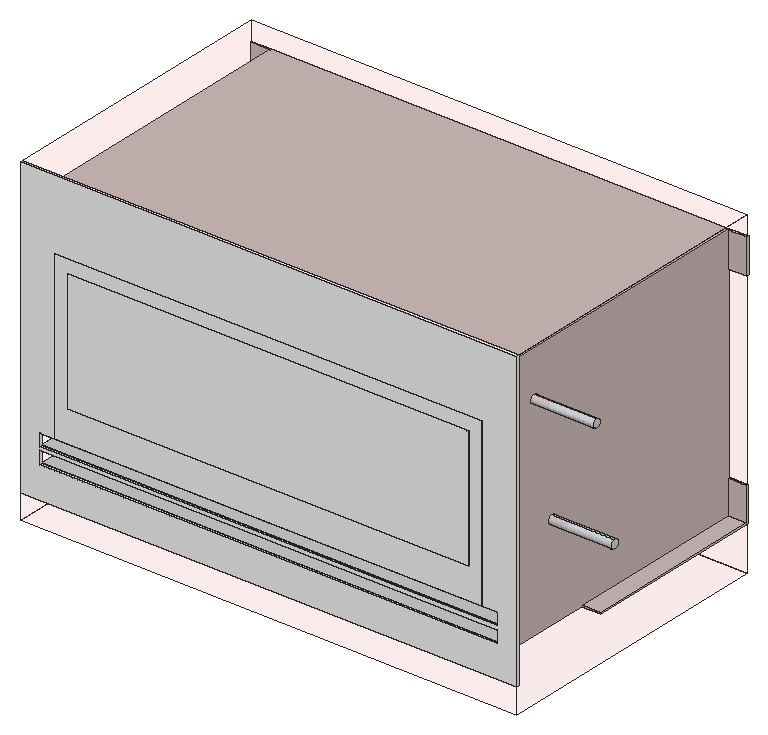
Revit family "Air-Curtain_Vestibule-Except_PoweredAire_CHA-HWST", category Mechanical Equipment, host Face, Revit 2018
Family settings
  Host = Face
  Round Connector Dimension = Use Diameter
  Part Type = Normal
  OmniClass Number = 23.75.35.17.21
  OmniClass Title = Air Curtains
  Cut with Voids When Loaded = No
  Shared = No
  Room Calculation Point = No
Parameters
  upperpiperotation [instance] = if(Upper Pipe Connection Side A, 0.00°, 180.00°)  # 0.00°
  lowerpiperotation [instance] = if(Lower Pipe Connection Side A, 0.00°, 180.00°)  # 0.00°
  locateupperpipe [instance] = if(Upper Pipe Connection Side A, 0' 0", Nozzle Width)  # 0' - 0"
  locatelowerpipe [instance] = if(Lower Pipe Connection Side A, 0' 0", Nozzle Width)  # 0' - 0"
  Warranty Duration (Years) = 0
  Upper Pipe Connection Side A [instance] = yes
  Unit Width Notes = "Other Widths available."  # constant formula
  Unit Width = 3' - 3"
  Unit Weight = 0
  Unit Height = 1' - 10 3/4"
  Unit Depth = 1' - 11 1/4"
  URL = "http://www.poweredaire.com/"
  Test Data = ""
  Standards Conformance = "as Specified"
  Specification = "http://www.arcat.com/sdspecs/htm04/23_34_33pai.htm"
  SpecWizard = ""
  Sound Pressure = "as Specified"
  Sales Information = "http://www.poweredaire.com/contact_us"
  Revision = "R1_2016-08"
  Projection from Host [instance] = 0' - 2"
  Product Properties = ""
  Product Data = "http://www.arcat.com/arcatcos/cos47/arc47623.html"
  Power Rating = 0 W
  Piping_Water Flow [instance] = 0 GPM
  Piping_Operating Pressure [instance] = 0.00 psi
  Piping_Exit Temperature [instance] = 0 °F
  Piping_Entry Temperature [instance] = 0 °F
  Pipe OD [instance] = 5/8"
  Nozzle Width = if(1 = 1, Unit Width - 0' 3", 0' 0")  # 3' - 0"
  Mounting Width = if(1 = 1, Unit Width - 0' 1 1/2", 0' 0")  # 3' - 1 1/2"
  Mounting Height [instance] = 3' - 6"
  Motor RPM = 0
  Motor HP = 0
  Motor Count = 0
  Model = "As Specified"
  Max Height = 0' - 0"
  Manufacturer Website = "http://www.poweredaire.com/"
  Manufacturer Phone - Toll Free = "888-321-2473"
  Manufacturer Phone = "724-588-3305"
  Manufacturer Fax = "724-588-3371"
  Manufacturer Address = "109 Mortensen Rd.  Greenville, PA 16125"
  Manufacturer = "Powered Aire, Inc"
  Maintenance Schedule (Months) = 0
  Lower Pipe Connection Side A [instance] = yes
  Keynote = "23 34 33"
  Installation-Fabrication = ""
  Installation Phase = ""
  Include Clearance [instance] = yes
  Heating Element Load = 0 W
  HVAC_Temperature Rise = 0 °F
  HVAC_Outlet Volume = 0 CFM
  HVAC_Outlet Velocity Uniformity = 0
  HVAC_Outlet Velocity = 0 FPM
  HVAC_BTU Input = 0.0 Btu/h
  Green Building-LEED = "http://www.arcat.com/green/clients/leed_data_47623.html"
  Front Grating Material [instance] = Metal - Steel - PoweredAire - White Perforated
  Frame Finish [instance] = Metal - Steel - PoweredAire - Stainless 304
  Expected Lifespan (Years) = 0
  Electrical_Wattage [instance] = Power Rating + Heating Element Load  # 0 W
  Electrical_Voltage [instance] = 0 V
  Electrical_Phase [instance] = 1
  Electrical_Frequency [instance] = 0 Hz
  Electrical_Amperage [instance] = 0 A
  Drawn By = "Sumex Design, Inc. / Robert S. Weygant, CSI, CDT, SCIP"
  Description = "Powered Aire Air Curtain as Specified"
  Default Elevation = 0' - 0"  # constant formula
  Cover Finish [instance] = Metal - Steel - PoweredAire - White
  Copyright = "©Arcat Inc."
  Construction Details = "http://www.arcat.com/details/powair/prod3336.html"
  Clearance_Top [instance] = 0' - 0"
  Clearance_Side B [instance] = 0' - 0"
  Clearance_Side A [instance] = 0' - 0"
  Clearance_Intake [instance] = 0' - 0"
  Clearance_Front [instance] = 0' - 0"
  Clearance Material [instance] = ARCAT Clearance
  Building Codes = ""
  Available Options [instance] = "as Specified"
  Assembly Code = "D3090400"
Reference planes (in)
  plane 1 "Center (Elevation)": y = 11.51318
  plane 2: z = 0
  plane 3 "Center (Left/Right)": x = 0
  plane 4: y = 22.88818
  plane 5: y = 0.13818
  plane 6: x = -19.5
  plane 7: x = 19.5
  plane 8: z = 25.25
  plane 9 "FF": y = -41.86182
  plane 10: z = 2
  plane 11: x = 18
  plane 12: x = -18
  plane 13: y = 22.88818
  plane 14: y = 0.13818
  plane 15: x = -19.5
  plane 16: x = 19.5
  plane 17: z = 25.25
  plane 18: y = 0.38818
  plane 19: x = 18
  plane 20: x = 18
  plane 21: z = 20.25
  plane 22: z = 11
Forms (in)
  Extrusion 1, solid, material "ARCAT Clearance" <- "Clearance Material", visible <- "Include Clearance"
    sketch origin (0, 0, 0) x (0, 1, 0) y (0, 0, 1)
      loop
        line (0.13818, 25.25) -> (0.13818, 0) -> (22.88818, 0) -> (22.88818, 25.25) -> (0.13818, 25.25)
    from -19.5 to 19.5
  Extrusion 2, solid, material "Metal - Steel - PoweredAire - White" <- "Cover Finish"
    sketch origin (0, 11.51318, 0) x (1, 0, 0) y (0, 0, 1)
      loop
        line (-19.5, 25.25) -> (-19.5, 2) -> (19.5, 2) -> (19.5, 25.25) -> (-19.5, 25.25)
    from 11.125 to 11.375
  Extrusion 3, solid, material "Metal - Steel - PoweredAire - Stainless 304" <- "Frame Finish"
    sketch origin (0, 11.51318, 0) x (1, 0, 0) y (0, 0, 1)
      loop
        line (18, 23.75) -> (-18, 23.75) -> (-18, 3.5) -> (18, 3.5) -> (18, 23.75)
    from -11.375 to 11.125
  Extrusion 4, void
    sketch origin (0, 0, 0) x (0, 1, 0) y (0, 0, 1)
      loop
        line (0.13818, 5.5) -> (0.13818, 4.5) -> (1.88818, 4.5) -> (1.88818, 6.75) -> (0.13818, 6.75) -> (0.13818, 5.75) -> (1.63818, 5.75) -> (1.63818, 5.5) -> (0.13818, 5.5)
    from -18 to 18
  Extrusion 5, solid, material "Metal - Steel - PoweredAire - White" <- "Cover Finish"
    sketch origin (-11.83813, 0.13818, 48) x (-1, 0, 0) y (0, 0, 1)
      loop
        line (4.91187, -41.25) -> (4.91187, -28.25) -> (-28.58813, -28.25) -> (-28.58813, -41.25) -> (4.91187, -41.25)
    from 0 to -0.03125
  Extrusion 6, solid, material "Metal - Steel - PoweredAire - White Perforated" <- "Front Grating Material"
    sketch origin (-11.83813, 0.10693, 48) x (1, 0, 0) y (0, 0, 1)
      loop
        line (-3.91187, -29.25) -> (-3.91187, -38.75) -> (27.58813, -38.75) -> (27.58813, -29.25) -> (-3.91187, -29.25)
    from 0 to 0.03125
  Extrusion 7, solid, material "Metal - Steel - PoweredAire - Stainless 304" <- "Frame Finish"
    sketch origin (-15.17702, -180, 2) x (-1, 0, 0) y (0, -1, 0)
      loop
        line (-33.17702, -202.88818) -> (-33.17702, -188.38818) -> (-34.67702, -188.38818) -> (-34.67702, -202.88818) -> (-33.17702, -202.88818)
      loop
        line (2.82298, -202.88818) -> (4.32298, -202.88818) -> (4.32298, -188.38818) -> (2.82298, -188.38818) -> (2.82298, -202.88818)
    from 1.5 to 1.625
  Extrusion 8, solid, material "Metal - Steel - PoweredAire - Stainless 304" <- "Frame Finish"
    sketch origin (-11.83813, 22.88818, 48) x (-1, 0, 0) y (0, 0, 1)
      loop
        line (7.66187, -44.5) -> (7.66187, -41.75) -> (6.16187, -41.75) -> (6.16187, -44.5) -> (7.66187, -44.5)
      loop
        line (-31.33813, -44.5) -> (-29.83813, -44.5) -> (-29.83813, -41.75) -> (-31.33813, -41.75) -> (-31.33813, -44.5)
      loop
        line (7.66187, -27) -> (7.66187, -24.25) -> (6.16187, -24.25) -> (6.16187, -27) -> (7.66187, -27)
      loop
        line (-31.33813, -27) -> (-29.83813, -27) -> (-29.83813, -24.25) -> (-31.33813, -24.25) -> (-31.33813, -27)
    from 0 to -0.125
  Sweep 9, solid
    path origin (18, 11.51318, 20.25) x (1, 0, 0) y (0, 0, 1)
      loop
        line (0, 0) -> (5, 0)
    profile origin (20.5, 11.51318, 20.25) x (0, 0, 1) y (0, -1, 0)
      loop
        circle (0, 7.875) r 0.3125
  Sweep 10, solid
    path origin (18, 11.51318, 11) x (1, 0, 0) y (0, 0, 1)
      loop
        line (0, 0) -> (5, 0)
    profile origin (20.5, 11.51318, 11) x (0, 0, 1) y (0, -1, 0)
      loop
        circle (0, 6.125) r 0.3125
Cuts and joins
  Extrusion 4 cuts Extrusion 1
  Extrusion 4 cuts Extrusion 2
  Extrusion 4 cuts Extrusion 3
Lines and regions (in)
  reference lines
    curve 1: line (18, 11.51318, 20.25) -> (25.75, 11.51318, 20.25)
    curve 2: line (18, 11.51318, 11) -> (26.25, 11.51318, 11)
Dimensions and locks (in)
  equal spacing: plane 4, plane 1 "Center (Elevation)", plane 5
  "Unit Height": plane 4 to plane 5
  equal spacing: plane 6, plane 3 "Center (Left/Right)", plane 7
  "Unit Width": plane 6 to plane 7
  "Mounting Height": plane 5 to plane 9 "FF"
  "Projection from Host": plane 10 to level
  "Unit Depth": plane 8 to plane 10
  locked: plane 6 to plane 12 at 1.5
  locked: plane 11 to plane 7 at 1.5
  "Clearance_Side A": plane 7 to plane 16
  "Clearance_Side B": plane 15 to plane 6
  "Clearance_Top": plane 13 to plane 4
  "Clearance_Intake": plane 5 to plane 14
  "Clearance_Front": plane 17 to plane 8
  locked: plane 8 to Extrusion 3 sketch curve at 1.5
  locked: Extrusion 3 sketch curve to plane 10 at 1.5
  locked: plane 7 to Extrusion 3 sketch curve at 1.5
  locked: Extrusion 3 sketch curve to plane 6 at 1.5
  locked: plane 18 to plane 5 at 0.25
  Extrusion 4 sketch curve to Extrusion 4 sketch curve to Extrusion 4 sketch curve to Extrusion 4 sketch curve to plane 10 = 0' - 1" locked, 0' - 0 1/4" locked, 0' - 1" locked, 0' - 2 1/2" locked
  Extrusion 5 sketch curve to Extrusion 5 sketch curve to plane 10 = 1' - 1" locked, 0' - 4 3/4" locked
  locked: plane 11 to Extrusion 5 sketch curve at 1.25
  locked: Extrusion 5 sketch curve to plane 12 at 1.25
  Extrusion 6 sketch curve to Extrusion 6 sketch curve to plane 10 = 0' - 9 1/2" locked, 0' - 7 1/4" locked
  locked: Extrusion 6 sketch curve to plane 12 at 2.25
  locked: plane 11 to Extrusion 6 sketch curve at 2.25
  locked: plane 4 to Extrusion 7 sketch curve at 14.5  (x2)
  Extrusion 8 sketch curve to Extrusion 8 sketch curve to Extrusion 8 sketch curve to Extrusion 8 sketch curve to plane 10 = 0' - 2 3/4" locked, 1' - 2 3/4" locked, 0' - 2 3/4" locked, 0' - 1 1/2" locked  (x2)
  "locatelowerpipe": plane 19 to plane 11
  "locateupperpipe": plane 20 to plane 11
  locked: plane 8 to plane 21 at 5
  locked: plane 22 to plane 10 at 9
  locked: curve 1 to Sweep 9 sketch curve at 5
  locked: curve 1 to Sweep 9 sketch curve
  locked: curve 2 to Sweep 10 sketch curve at 5
  locked: curve 2 to Sweep 10 sketch curve
  locked: plane 5 to Sweep 9 sketch curve at 3.5
  locked: plane 5 to Sweep 10 sketch curve at 5.25
  "lowerpiperotation": angle plane 21 to curve 1
  "upperpiperotation": angle plane 22 to curve 2
  aligned and locked: plane 2 to host face
  aligned and locked: level to host face
  aligned and locked: Extrusion 1 sketch curve to plane 17
  aligned and locked: plane 14 to Extrusion 1 sketch curve
  aligned and locked: level to Extrusion 1 sketch curve
  aligned and locked: Extrusion 1 sketch curve to plane 13
  aligned and locked: plane 16 to Extrusion 1
  aligned and locked: Extrusion 1 to plane 15
  aligned and locked: Extrusion 2 sketch curve to plane 8
  aligned and locked: plane 6 to Extrusion 2 sketch curve
  aligned and locked: Extrusion 2 sketch curve to plane 10
  aligned and locked: Extrusion 2 sketch curve to plane 7
  aligned and locked: Extrusion 3 to plane 4
  aligned and locked: Extrusion 3 to plane 18
  aligned and locked: Extrusion 2 to plane 18
  aligned and locked: Extrusion 2 to plane 5
  aligned and locked: plane 11 to Extrusion 4
  aligned and locked: Extrusion 4 to plane 12
  aligned and locked: Extrusion 7 sketch curve to plane 4  (x2)
  aligned and locked: plane 20 to curve 2
  aligned and locked: plane 22 to curve 2
  aligned and locked: plane 19 to curve 1
  aligned and locked: plane 21 to curve 1
Automatic sketch dimensions
  host sketch curve to host sketch curve = 8' - 0"  (x2)
  Extrusion 4 sketch curve to plane 5 = 0' - 0"  (x2)
  plane 18 to Extrusion 4 sketch curve = 0' - 1 1/4"
  Extrusion 4 sketch curve to Extrusion 4 sketch curve = 0' - 0 1/4"
  Extrusion 7 sketch curve to plane 7 = 0' - 0"
  Extrusion 7 sketch curve to plane 11 = 0' - 0"
  Extrusion 7 sketch curve to plane 12 = 0' - 0"
  Extrusion 7 sketch curve to plane 6 = 0' - 0"
  Extrusion 8 sketch curve to plane 7 = 0' - 0"  (x2)
  Extrusion 8 sketch curve to plane 11 = 0' - 0"  (x2)
  Extrusion 8 sketch curve to plane 12 = 0' - 0"  (x2)
  Extrusion 8 sketch curve to plane 6 = 0' - 0"  (x2)
  profile plane to Sweep 9 sketch curve = 0' - 0"
  profile plane to Sweep 10 sketch curve = 0' - 0"
  radius of Sweep 9 sketch curve = 0' - 0 5/16"
  radius of Sweep 10 sketch curve = 0' - 0 5/16"
Connectors (in)
  electrical at (-18, 6.38818, 9.625), driven by "Electrical_Voltage", driven by "Electrical_Phase"
    settings: on cut or joined group of Extrusion 3, Extrusion 4, index 1, voltage 0 V, apparent load 0 VA, apparent load phase1 0 VA, apparent load phase2 0 VA, apparent load phase3 0 VA, power factor 1, load classification "Other", number of poles 1, system type 31, power factor state 1, is connector primary yes, connector utility no, sub classification motor no, connector description ""
  piping at (23, 3.63818, 20.25), diameter 0.625, driven by "Pipe OD"
    settings: on Sweep 9, index 2, connector inside diameter 24", connector length 0' - 0", flow factor 0, pipe flow 0 GPM, pressure drop 0.00 psi, fitting loss kfactor 0, connector angle 0.00°, fixture units 0, engagement length 0' - 0", angle of deflection 0.00°, flow configuration 0, flow direction 0, fitting loss method 0, system type 29, joint type 0, gender type 0, connector reference index -1, connector utility 0, adjustable connector no, is connector primary no, connector description "Define Supply or Return and Location"
  piping at (23, 5.38818, 11), diameter 0.625, driven by "Pipe OD"
    settings: on Sweep 10, index 3, connector inside diameter 24", connector length 0' - 0", flow factor 0, pipe flow 0 GPM, pressure drop 0.00 psi, fitting loss kfactor 0, connector angle 0.00°, fixture units 0, engagement length 0' - 0", angle of deflection 0.00°, flow configuration 0, flow direction 0, fitting loss method 0, system type 29, joint type 0, gender type 0, connector reference index -1, connector utility 0, adjustable connector no, is connector primary yes, connector description "Define Supply or Return and Location"
